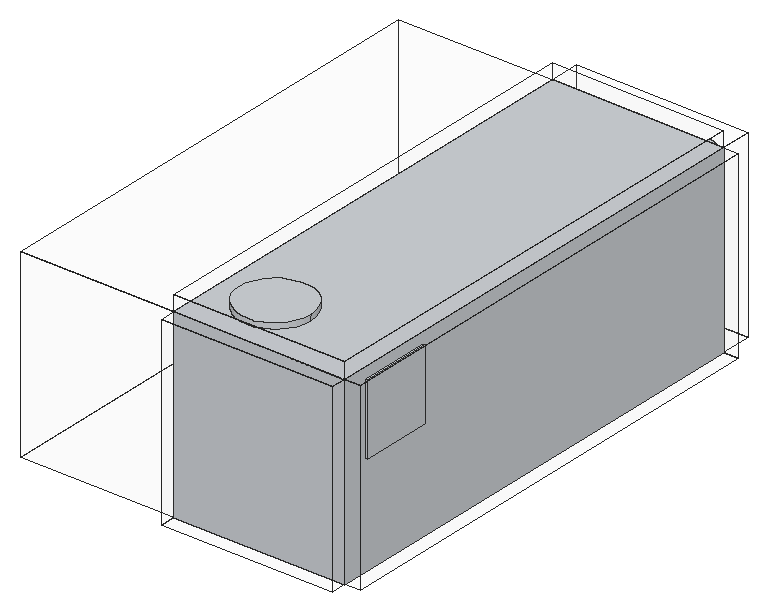
Revit family
Parameters (values of type "CBN2067")
  water inlet/outlet center to center distance = 11 1/4"
  water conn offset from back = 6"
  water outlet radius = 1 1/4"
  water inlet radius = 1 1/4"
  air inlet size = 13 7/8"
  air inlet offset from top = 2"
  air inlet offset from right side = 4 7/8"
  WATER OUT CONN SIZE = water outlet radius * 2  # 2 1/2"
  WATER IN CONN SIZE = water inlet radius * 2  # 2 1/2"
  vent radius = 7"
  SES BIM Studio # = "201264901-9"
  E_vent offset from back = 11"
  F_vent offset from right side = 11"
  VENT SIZE = vent radius * 2  # 14"
  top clearance = 3"
  rear clearance = 3"
  HEAD LOSS MIN/MAX (Ft. of Hd.) = "4.59.2"
  front  clearance = 30"
  D_water conn height = 15 3/4"
  DRAIN SIZE = "2@3/4\""
  C_DEPTH = 33 1/2"
  Total Amps-Heater and Pumps = "8.0"
  Voltage/Heater = "120"
  Voltage/Control = "24"
  URL = "http://www.lochinvar.com/products/Default.aspx?type=ProductLine&lineid=8"
  Total Amps = "8.0"
  Model = "CBN2067"
  Manufacturer = "Lochinvar"
  MODEL NO. = "CBN2067"
  GAS CONN SIZE = gas conn radius * 2  # 2"
  gas conn radius = 1"
  G_gas conn offset from bottom = 33 3/4"
  GALLON CAPACITY = "4.8"
  right side clearance = 3"
  B_WIDTH = 92 1/2"
  INPUT RATE (BTUH) = "2,065,000"
  A_HEIGHT = 36"
  FUEL TYPE = "NATURAL GAS"
  Description = "Copper-Fin Commercial Gas Boiler"
  Fuel Type = "Natural or LP"
  left side clearance = 6"
  # of Electrical Connections = "1"
Types (9): name | water inlet/outlet center to center distance | water outlet radius | water inlet radius | air inlet size | air inlet offset from top | air inlet offset from right side | WATER OUT CONN SIZE | WATER IN CONN SIZE | vent radius | E_vent offset from back | F_vent offset from right side | VENT SIZE | HEAD LOSS MIN/MAX (Ft. of Hd.) | D_water conn height | DRAIN SIZE | C_DEPTH | URL | Model | MODEL NO. | GAS CONN SIZE | gas conn radius | G_gas conn offset from bottom | GALLON CAPACITY | B_WIDTH | INPUT RATE (BTUH) | A_HEIGHT | Description
  (no name) | 11 1/4" | 1 1/4" | 1 1/4" | 13 7/8" | 2" | 4 7/8" | 2 1/2" | 2 1/2" | 7" | 11" | 11" | 14" | "4.59.2" | 15 3/4" | "2@3/4\"" | 33 1/2" | "http://www.lochinvar.com/products/Default.aspx?type=ProductLine&lineid=8" | "CBN2067" | "CBN2067" | 2" | 1" | 33 3/4" | "4.8" | 92 1/2" | "2,065,000" | 36" | "Copper-Fin Commercial Gas Boiler"
  CBN0497 | 6" | 1" | 1" | 10" | 1" | 1" | 2" | 2" | 3" | 9 1/2" | 22 3/4" | 6" | "0.7/6.6" | 12 1/2" | "3/4\"" | 22 1/4" | "http://www.lochinvar.com/products/default.aspx?type=productline&lineid=8" | "CBN0497" | "CBN0497" | 1 1/4" | 5/8" | 29 1/2" | "1.7" | 45 1/2" | "495,000" | 31 1/2" | "Copper-Fin Commercial Gas Boiler"
  CBN0647 | 6" | 1" | 1" | 13 7/8" | 2" | 4 7/8" | 2" | 2" | 4" | 9 1/2" | 28 1/2" | 8" | "1.6/6.8" | 12 1/2" | "3/4\"" | 22 1/4" | "http://www.lochinvar.com/products/Default.aspx?type=ProductLine&lineid=8" | "CBN0647" | "CBN0647" | 1 1/4" | 5/8" | 29 1/2" | "1.9" | 56 3/4" | "645,000" | 31 1/2" | "Copper-Fin Commercial Gas Boiler"
  CBN0747 | 6" | 1" | 1" | 13 7/8" | 2" | 4 7/8" | 2" | 2" | 4" | 9 1/2" | 32" | 8" | "2.3/6.9" | 12 1/2" | "3/4\"" | 22 1/4" | "http://www.lochinvar.com/products/Default.aspx?type=ProductLine&lineid=8" | "CBN0747" | "CBN0747" | 1 1/4" | 5/8" | 29 1/2" | "2.0" | 64" | "745,000" | 31 1/2" | "Copper-Fin Commercial Gas Boiler"
  CBN0987 | 11 1/4" | 1 1/4" | 1 1/4" | 13 7/8" | 2" | 4 7/8" | 2 1/2" | 2 1/2" | 5" | 8 1/2" | 8 1/2" | 10" | "0.8/5.8" | 15 3/4" | "2@3/4\"" | 33 1/2" | "http://www.lochinvar.com/products/Default.aspx?type=ProductLine&lineid=8" | "CBN0987" | "CBN0987" | 2" | 1" | 33 3/4" | "3.4" | 48 1/4" | "985,000" | 36" | "Copper-Fin Commercial Gas Boiler"
  CBN1257 | 11 1/4" | 1 1/4" | 1 1/4" | 13 7/8" | 2" | 4 7/8" | 2 1/2" | 2 1/2" | 6" | 9 1/2" | 10 1/2" | 12" | "1.1/6.6" | 15 3/4" | "2@3/4\"" | 33 1/2" | "http://www.lochinvar.com/products/Default.aspx?type=ProductLine&lineid=8" | "CBN1257" | "CBN1257" | 2" | 1" | 33 3/4" | "3.7" | 58 1/2" | "1,255,000" | 36" | "Copper-Fin Commercial Gas Boiler"
  CBN1437 | 11 1/4" | 1 1/4" | 1 1/4" | 13 7/8" | 2" | 4 7/8" | 2 1/2" | 2 1/2" | 6" | 10 1/2" | 10 1/2" | 12" | "1.7/7.2" | 15 3/4" | "2@3/4\"" | 33 1/2" | "http://www.lochinvar.com/products/Default.aspx?type=ProductLine&lineid=8" | "CBN1437" | "CBN1437" | 2" | 1" | 33 3/4" | "4.1" | 68 3/4" | "1,435,000" | 36" | "Copper-Fin Commercial Gas Boiler"
  CBN1797 | 11 1/4" | 1 1/4" | 1 1/4" | 13 7/8" | 2" | 4 7/8" | 2 1/2" | 2 1/2" | 7" | 11" | 11" | 14" | "2.4/8.4" | 15 3/4" | "2@3/4\"" | 33 1/2" | "http://www.lochinvar.com/products/Default.aspx?type=ProductLine&lineid=8" | "CBN1797" | "CBN1797" | 2" | 1" | 33 3/4" | "4.5" | 82 1/4" | "1,795,000" | 36" | "Copper-Fin Commercial Boiler"
  CBN2067 | 11 1/4" | 1 1/4" | 1 1/4" | 13 7/8" | 2" | 4 7/8" | 2 1/2" | 2 1/2" | 7" | 11" | 11" | 14" | "4.59.2" | 15 3/4" | "2@3/4\"" | 33 1/2" | "http://www.lochinvar.com/products/Default.aspx?type=ProductLine&lineid=8" | "CBN2067" | "CBN2067" | 2" | 1" | 33 3/4" | "4.8" | 92 1/2" | "2,065,000" | 36" | "Copper-Fin Commercial Gas Boiler"
Reference planes (in)
  plane 1 "Center (Front/Back)": y = 2
  plane 2: z = 0.25
  plane 3 "Center (Left/Right)": x = 0
  plane 4 "Front": x = -16.75
  plane 5 "Left": y = 48.25
  plane 6 "Right": y = -44.25
  plane 7 "Top": z = 36
  plane 8 "Back": x = 16.75
  plane 9: z = 34
  plane 10 "Water Outlet Offset": x = 10.75
  plane 11 "inlet/outlet": z = 15.75
  plane 12 "INLET AIR FILTER": z = 20.125
  plane 13 "Air Inlet Size": y = -25.5
  plane 14 "Air Inlet Dist from side": y = -39.375
  plane 15 "Vent offset from right side": y = -33.25
  plane 16 "Water Inlet Offset": x = -0.5
  plane 17 "VENT C/L": x = -5.75
  plane 18 "Bottom of Casing": z = 2
  plane 19 "Gas Conn Offset": x = 12.75
Forms (in)
  Extrusion 1, solid
    sketch origin (0, 0, 0) x (1, 0, 0) y (0, 1, 0)
      loop
        line (-16.75, 48.25) -> (-16.75, -44.25) -> (16.75, -44.25) -> (16.75, 48.25) -> (-16.75, 48.25)
    from 0 to 36
  Extrusion 2, solid
    sketch origin (0, 48.25, 0) x (1, 0, 0) y (0, 0, 1)
      loop
        circle (10.75, 15.75) r 1.25
    from 0 to -1
  Extrusion 3, solid
    sketch origin (16.75, 0, 0) x (0, 1, 0) y (0, 0, 1)
      loop
        line (-25.5, 34) -> (-39.375, 34) -> (-39.375, 20.125) -> (-25.5, 20.125) -> (-25.5, 34)
    from 0 to 0.5
  Extrusion 4, solid
    sketch origin (12.5, -180, 33.34128) x (-1, 0, 0) y (0, -1, 0)
      loop
        circle (18.25, -146.75) r 7
    from 2.65872 to 3.75
  Extrusion 5, solid, material "Clearance"
    sketch origin (-22.25, 0, 0) x (1, 0, 0) y (0, 1, 0)
      loop
        line (-24.5, 48.25) -> (-24.5, -44.25) -> (5.5, -44.25) -> (5.5, 48.25) -> (-24.5, 48.25)
    from 0 to 36
  Extrusion 6, solid, material "Clearance"
    sketch origin (24, 0, 0) x (1, 0, 0) y (0, 1, 0)
      loop
        line (-7.25, 48.25) -> (-7.25, -44.25) -> (-4.25, -44.25) -> (-4.25, 48.25) -> (-7.25, 48.25)
    from 0 to 36
  Extrusion 7, solid, material "Clearance"
    sketch origin (0, -45.25, 0) x (1, 0, 0) y (0, 1, 0)
      loop
        line (-16.75, 1) -> (-16.75, -2) -> (16.75, -2) -> (16.75, 1) -> (-16.75, 1)
    from 0 to 36
  Extrusion 8, solid, material "Clearance"
    sketch origin (60, 24, 0) x (1, 0, 0) y (0, 1, 0)
      loop
        line (-76.75, 30.25) -> (-76.75, 24.25) -> (-43.25, 24.25) -> (-43.25, 30.25) -> (-76.75, 30.25)
    from 0 to 36
  Extrusion 9, solid, material "Clearance"
    sketch origin (3, 0, 33.25) x (1, 0, 0) y (0, 1, 0)
      loop
        line (-19.75, 48.25) -> (-19.75, -44.25) -> (13.75, -44.25) -> (13.75, 48.25) -> (-19.75, 48.25)
    from 2.75 to 5.75
  Extrusion 10, solid
    sketch origin (-6, 24.625, 0) x (1, 0, 0) y (0, 0, 1)
      loop
        circle (5.5, 15.75) r 1.25
    from -23.625 to -24.625
  Extrusion 11, solid
    sketch origin (0, 48.25, 0) x (1, 0, 0) y (0, 0, 1)
      loop
        circle (12.75, 34) r 1
    from 0 to -2
Lines and regions (in)
  reference lines
    curve 1: line (16.75, -44.25, 0) -> (16.75, 48.25, 0)
Text (in)
  text "VENT" at (-7.07319, 9.49648, 0), in view "Ref. Level"
  text "Outlet" at (10.60483, 0, 10.45411), in view "Left"
  text "Inlet" at (-0.39517, 0, 10.45411), in view "Left"
  text "FRONT" at (-6.59392, 0, -6.80343), in view "Right"
  text "FRONT" at (-60.0409, 11.34615, 0), in view "Ref. Level"
  text "BACK" at (95.9591, 11.34615, 0), in view "Ref. Level"
  text "RIGHT" at (3.05477, -68.89429, 0), in view "Ref. Level"
  text "LEFT" at (3.05477, 70.10571, 0), in view "Ref. Level"
Dimensions and locks (in)
  equal spacing: plane 4 "Front", plane 3 "Center (Left/Right)", plane 8 "Back"
  "C_DEPTH": plane 4 "Front" to plane 8 "Back"
  "A_HEIGHT": plane 7 "Top" to level
  "D_water conn height": plane 11 "inlet/outlet" to level
  "B_WIDTH": plane 6 "Right" to plane 5 "Left"
  "F_vent offset from right side": plane 6 "Right" to plane 15 "Vent offset from right side"
  equal spacing: plane 6 "Right", plane 1 "Center (Front/Back)", plane 5 "Left"
  locked: Extrusion 4 to Extrusion 1 at 1.09128
  "front  clearance": Extrusion 5 to plane 4 "Front"
  "rear clearance": Extrusion 6 to Extrusion 6
  "right side clearance": Extrusion 7 to Extrusion 7
  "top clearance": Extrusion 8 to Extrusion 9
  locked: plane 5 "Left" to Extrusion 10 at 1
  plane 7 "Top" to Extrusion 4 = 1.09128"
  "left side clearance": Extrusion 8 to Extrusion 9
  "E_vent offset from back": plane 4 "Front" to plane 17 "VENT C/L"
  "G_gas conn offset from bottom": plane 2 to plane 9
  "water conn offset from back": plane 8 "Back" to plane 10 "Water Outlet Offset"
  "water inlet/outlet center to center distance": plane 10 "Water Outlet Offset" to plane 16 "Water Inlet Offset"
  locked: plane 8 "Back" to plane 19 "Gas Conn Offset" at 4
  "air inlet offset from right side": plane 6 "Right" to plane 14 "Air Inlet Dist from side"
  "air inlet size": plane 14 "Air Inlet Dist from side" to plane 13 "Air Inlet Size"
  "air inlet offset from top": plane 7 "Top" to plane 9
  "air inlet size": plane 9 to plane 12 "INLET AIR FILTER"
  radius of Extrusion 2 = 1 1/4"
  "water outlet radius": radius of Extrusion 2 sketch curve
  "water inlet radius": radius of Extrusion 10 sketch curve
  "vent radius": radius of Extrusion 4 sketch curve
  "gas conn radius": radius of Extrusion 11 sketch curve
  aligned and locked: Extrusion 1 to plane 4 "Front"
  aligned and locked: plane 7 "Top" to Extrusion 1
  aligned and locked: plane 11 "inlet/outlet" to Extrusion 2 sketch curve
  aligned and locked: plane 6 "Right" to Extrusion 1
  aligned and locked: Extrusion 1 to plane 5 "Left"
  aligned and locked: Extrusion 1 to level
  aligned and locked: Extrusion 4 to Extrusion 1
  aligned and locked: Extrusion 7 to plane 4 "Front"
  aligned and locked: plane 8 "Back" to Extrusion 7
  aligned: plane 8 "Back" to Extrusion 8
  aligned: Extrusion 8 to plane 4 "Front"
  aligned and locked: Extrusion 1 to Extrusion 7
  aligned and locked: Extrusion 1 to Extrusion 6
  aligned and locked: Extrusion 1 to Extrusion 8
  aligned and locked: Extrusion 9 to plane 4 "Front"
  aligned and locked: plane 8 "Back" to Extrusion 9
  aligned and locked: Extrusion 9 to Extrusion 5
  aligned and locked: Extrusion 7 to Extrusion 5
  aligned and locked: plane 8 "Back" to Extrusion 8
  aligned and locked: plane 4 "Front" to Extrusion 8
  aligned and locked: plane 5 "Left" to Extrusion 9
  aligned and locked: Extrusion 5 to Extrusion 2
  aligned and locked: plane 17 "VENT C/L" to Extrusion 4 sketch curve
  aligned and locked: plane 5 "Left" to Extrusion 10
Automatic sketch dimensions
  Extrusion 1 sketch curve to plane 4 "Front" = 0"
  plane 5 "Left" to Extrusion 1 sketch curve = 0"
  Extrusion 1 sketch curve to plane 8 "Back" = 0"
  plane 6 "Right" to Extrusion 1 sketch curve = 0"
  Extrusion 2 sketch curve to plane 10 "Water Outlet Offset" = 0"
  Extrusion 3 sketch curve to plane 9 = 0"
  Extrusion 3 sketch curve to plane 14 "Air Inlet Dist from side" = 0"
  Extrusion 3 sketch curve to plane 12 "INLET AIR FILTER" = 0"
  Extrusion 3 sketch curve to plane 13 "Air Inlet Size" = 0"
  curve 1 to level = 0"
  curve 1 to plane 6 "Right" = 0"
  curve 1 to plane 5 "Left" = 0"
  plane 6 "Right" to Extrusion 5 sketch curve = 0"
  plane 5 "Left" to Extrusion 5 sketch curve = 0"
  Extrusion 5 sketch curve to plane 4 "Front" = 0"
  Extrusion 5 sketch curve to plane 4 "Front" = 30"
  plane 6 "Right" to Extrusion 6 sketch curve = 0"
  Extrusion 6 sketch curve to plane 8 "Back" = 0"
  plane 5 "Left" to Extrusion 6 sketch curve = 0"
  Extrusion 6 sketch curve to Extrusion 6 sketch curve = 3"
  Extrusion 7 sketch curve to plane 4 "Front" = 0"
  plane 6 "Right" to Extrusion 7 sketch curve = 0"
  Extrusion 7 sketch curve to plane 8 "Back" = 0"
  plane 5 "Left" to Extrusion 8 sketch curve = 0"
  Extrusion 8 sketch curve to plane 8 "Back" = 33 1/2"
  Extrusion 8 sketch curve to plane 5 "Left" = 6"
  Extrusion 8 sketch curve to Extrusion 8 sketch curve = 33 1/2"
  Extrusion 9 sketch curve to plane 4 "Front" = 0"
  Extrusion 9 sketch curve to plane 5 "Left" = 0"
  Extrusion 9 sketch curve to plane 8 "Back" = 0"
  plane 6 "Right" to Extrusion 9 sketch curve = 0"
  Extrusion 10 sketch curve to plane 11 "inlet/outlet" = 0"
  Extrusion 10 sketch curve to plane 16 "Water Inlet Offset" = 0"
  plane 15 "Vent offset from right side" to Extrusion 4 sketch curve = 0"
  Extrusion 7 sketch curve to Extrusion 7 sketch curve = 3"
  Extrusion 11 sketch curve to plane 9 = 0"
  Extrusion 11 sketch curve to plane 19 "Gas Conn Offset" = 0"
Connectors (in)
  piping at (10.75, 49.25, 15.75), driven by "water outlet radius"
    settings: on Extrusion 2, index 3, connector radius 1 1/4", flow factor 0, pipe flow 0 GPM, pressure drop 0.00 psi, fitting loss kfactor 0, connector angle 0.00°, fixture units 0, flow configuration 0, flow direction 2, fitting loss method 0, system type 7, connector reference index -1, connector utility 0, adjustable connector no, is connector primary yes, fitting loss table "", connector description "Water Outlet Connection"
  piping at (-0.5, 49.25, 15.75), driven by "water inlet radius"
    settings: on Extrusion 10, index 4, connector radius 1 1/4", flow factor 0, pipe flow 0 GPM, pressure drop 0.00 psi, fitting loss kfactor 0, connector angle 0.00°, fixture units 0, flow configuration 0, flow direction 1, fitting loss method 0, system type 8, connector reference index -1, connector utility 0, adjustable connector no, is connector primary no, fitting loss table "", connector description "Water Inlet Connection"
  hvac at (-5.75, -33.25, 37.09128), driven by "vent radius"
    settings: on Extrusion 4, index 5, duct flow 0 CFM, flow factor 0, pres drop 0.00 in-wg, loss coef 0, conn angle 0.00°, conn width 12", conn height 12", conn radius 7", duct sys type 3, conn prof type 0, flow config 0, flow direction 2, loss method 0, conn ref index -1, conn util no, is conn primary yes, conn desc "Vent Connection"
  piping at (12.75, 50.25, 34), driven by "gas conn radius"
    settings: on Extrusion 11, index 6, connector radius 1", flow factor 0, pipe flow 0 GPM, pressure drop 0.00 psi, fitting loss kfactor 0, connector angle 0.00°, fixture units 0, flow configuration 0, flow direction 1, fitting loss method 0, system type 22, connector reference index -1, connector utility 0, adjustable connector no, is connector primary no, fitting loss table "", connector description "Gas Conn"
